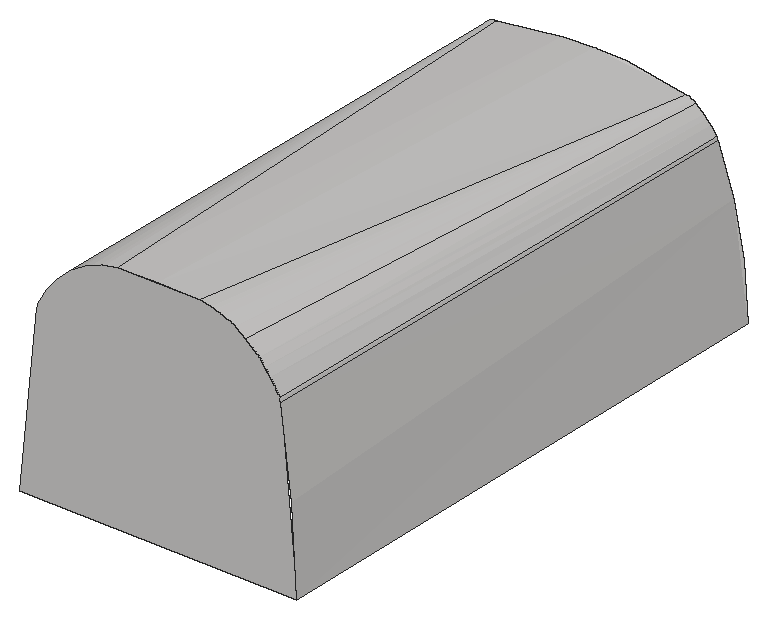
Revit family "NBS_DudleyIndustriesLimited_SoapDpnsrs_PlatinumSoapDispenser_1LLiquidSoap", category Furniture, host Face, Revit 2018
Family settings
  Host = Face
  Cut with Voids When Loaded = No
  Shared = No
  Room Calculation Point = No
Parameters (values of type "PlatinumSoapDispenser_1LLiquidSoap")
  Weight = "1 kg"
  WarrantyStartDate [instance] = "1900-12-31T23:59:59"
  WarrantyGuarantorParts = "n/a"
  WarrantyGuarantorLabor = "n/a"
  WarrantyDurationUnit = "year"
  WarrantyDurationParts = "n/a"
  WarrantyDurationLabor = "n/a"
  WarrantyDescription = "10 Years"
  Version = "1"  # constant formula
  Uniclass2015Version = "Products v1.18"
  Uniclass2015Title = "Soap dispensers"
  Uniclass2015Code = "Pr_40_70_22_81"
  TagNumber [instance] = "n/a"
  SustainabilityPerformance = "n/a"
  Style = "Dispenser"
  Status = "UNSET"
  Size = "102 x 250 x 120 mm"
  Shape = "Rectangular"
  SerialNumber [instance] = "n/a"
  Revision = "n/a"
  ReplacementCost = "n/a"
  Reference = "n/a"
  ProductInformation = "https://www.dudleyindustries.com/washroom/product/platinum-1-litre-liquid-soap-dispenser/"
  Operation = "Push"
  NominalWidth = 120 mm  # constant formula
  NominalLength = 0 mm
  NominalHeight = 250 mm  # constant formula
  NominalDepth = 102 mm  # constant formula
  Name = "SoapDispensers_PlatinumSoapDispenser_1LLiquidSoap_DudleyIndustriesLimited"
  NBSReference = "45-35-72/358"
  NBSDescription = "Soap dispensers"
  NBSCertification = "www.nationalbimlibrary.com/cert/0gg55n0s"
  ModelReference = "PlatinumSoapDispenser_1LLiquidSoap"
  ModelNumber = "50012CB, 50018CB"
  MaterialsFinishAndColour = "Brushed with clear lacquer"
  MaterialsBody = "Stainless steel"
  Material = "Stainless steel"
  ManufacturerURL = "www.dudleyindustries.com"
  ManufacturerName = "Dudley Industries Limited"  # constant formula
  Manufacturer = "sales@dudleyindustries.com"
  MainColor = "n/a"
  IsBuiltIn = yes
  InstallationDate [instance] = "1900-12-31T23:59:59"
  IfcExportType = "UNDEFINED"  # constant formula
  IfcExportAs = "IfcFurnitureType"  # constant formula
  Grade = "n/a"
  Finish = "Brushed with clear lacquer"
  Features = "Easily operated, easy to unlock, innovative coating helps prevent fingerprint marks, easy to wipe clean"
  ExpectedLife = "n/a"
  DurationUnit = "year"
  DispenserMaterial = NBS_DudleyIndustriesLimited_StainlessSteel_Brushed
  Description = "1L liquid soap dispenser"
  Default Elevation = 1050 mm
  Constituents = "n/a"
  Color = "n/a"
  CodePerformance = "n/a"
  Category = "Pr_40_70_22_81:Soap dispensers"
  BarCode [instance] = "n/a"
  BIMObjectName = "NBS_DudleyIndustriesLimited_SoapDispensers_PlatinumSoapDispenser_1LLiquidSoap"
  Author = "NBS"  # constant formula
  AssetType = "Fixed"
  AssetIdentifier [instance] = "n/a"
  AccessibilityPerformance = "n/a"
Reference planes
  plane 1 "Bottom": y = 0
  plane 2 "Back": z = 0
  plane 3 "Center (Left/Right)": x = 0
  plane 4 "Left": x = -60
  plane 5 "Right": x = 60
  plane 6 "Top": y = 250
  plane 7 "Front": z = 102
Forms (mm)
  Extrusion 1, solid, material "NBS_DudleyIndustriesLimited_StainlessSteel_Brushed" <- "DispenserMaterial", detail levels coarse
    sketch origin (0, 0, 0) x (0, 1, 0) y (0, 0, 1)
      loop
        line (250, 0) -> (250, 102) -> (0, 102) -> (0, 0) -> (250, 0)
    from -60 to 60
  Blend 2, solid, material "NBS_DudleyIndustriesLimited_StainlessSteel_Brushed" <- "DispenserMaterial", detail levels medium+fine
    base sketch origin (0, 0, 0) x (1, 0, 0) y (0, 0, 1)
      loop
        arc (17.645, 101.352) -> (0, 102) -> (-17.645, 101.352) r 240.403
        arc (-17.645, 101.352) -> (-28.365, 98.926) -> (-37.9, 93.457) r 37
        arc (-37.9, 93.457) -> (-46.1, 85.287) -> (-52.247, 75.479) r 50.997
        arc (-52.247, 75.479) -> (-52.593, 74.602) -> (-52.816, 73.686) r 6.8
        arc (-52.816, 73.686) -> (-57.724, 36.971) -> (-60, 0) r 518.842
        line (-60, 0) -> (60, 0)
        arc (60, 0) -> (57.724, 36.971) -> (52.816, 73.686) r 518.842
        arc (52.816, 73.686) -> (52.593, 74.602) -> (52.247, 75.479) r 6.8
        arc (52.247, 75.479) -> (46.1, 85.287) -> (37.9, 93.457) r 50.997
        arc (37.9, 93.457) -> (28.365, 98.926) -> (17.645, 101.352) r 37
    top sketch origin (0, 0, 0) x (1, 0, 0) y (0, 0, 1)
      loop
        line (-60, 0) -> (60, 0)
        arc (60, 0) -> (57.806, 36.12) -> (53.1, 71.999) r 518.842
        arc (53.1, 71.999) -> (52.95, 72.664) -> (52.725, 73.308) r 6
        arc (52.725, 73.308) -> (49.804, 78.847) -> (45.913, 83.754) r 33.869
        arc (45.913, 83.754) -> (44.322, 84.943) -> (42.43, 85.547) r 6
        arc (42.43, 85.547) -> (0, 88.579) -> (-42.43, 85.547) r 298.314
        arc (-42.43, 85.547) -> (-44.322, 84.943) -> (-45.913, 83.754) r 6
        arc (-45.913, 83.754) -> (-49.804, 78.847) -> (-52.725, 73.308) r 33.869
        arc (-52.725, 73.308) -> (-52.95, 72.664) -> (-53.1, 71.999) r 6
        arc (-53.1, 71.999) -> (-57.806, 36.12) -> (-60, 0) r 518.842
    from 0 to -250
  Revolve 3, void
    sketch origin (0, 0, 0) x (0, 1, 0) y (0, 0, 1)
      loop
        line (250, 0) -> (250, 146.308) -> (211.905, 146.308)
        arc (211.905, 146.308) -> (240.32, 75.593) -> (250, 0) r 300
      axis (250, 0) -> (211.905, 0)
    angle from -90 to 90
Cuts and joins
  Revolve 3 cuts Blend 2
Lines and regions (mm)
  symbolic lines, detail levels medium+fine
    curve 1: line (0, 236.394, 89.312) -> (0, 0, 102)
Dimensions and locks
  "NominalHeight": plane 1 "Bottom" to plane 6 "Top"
  equal spacing: plane 4 "Left", plane 3 "Center (Left/Right)", plane 5 "Right"
  "NominalWidth": plane 4 "Left" to plane 5 "Right"
  "NominalDepth": plane 7 "Front" to level
  aligned and locked: plane 2 "Back" to host face
  aligned and locked: level to host face
  aligned and locked: plane 6 "Top" to Extrusion 1 sketch curve
  aligned and locked: plane 1 "Bottom" to Extrusion 1 sketch curve
  aligned and locked: plane 7 "Front" to Extrusion 1 sketch curve
  aligned and locked: plane 2 "Back" to Extrusion 1 sketch curve
  aligned and locked: Extrusion 1 to plane 4 "Left"
  aligned and locked: Extrusion 1 to plane 5 "Right"
  aligned and locked: plane 6 "Top" to Blend 2
  aligned and locked: plane 6 "Top" to Revolve 3 sketch curve
Automatic sketch dimensions
  host sketch curve to host sketch curve = 2438.4 mm  (x2)
  Blend 2 sketch curve to plane 4 "Left" = 0 mm  (x2)
  Blend 2 sketch curve to plane 3 "Center (Left/Right)" = 0 mm  (x2)
  plane 5 "Right" to Blend 2 sketch curve = 0 mm  (x2)
  Blend 2 sketch curve to level = 0 mm  (x2)
  Blend 2 sketch curve to level = 13.377 mm  (x4)
  Blend 2 sketch curve to plane 4 "Left" = 398.669 mm  (x2)
  plane 4 "Left" to Blend 2 sketch curve = 13.888 mm
  Blend 2 sketch curve to plane 3 "Center (Left/Right)" = 14.929 mm
  Blend 2 sketch curve to plane 3 "Center (Left/Right)" = 6.239 mm
  plane 3 "Center (Left/Right)" to Blend 2 sketch curve = 6.239 mm
  Blend 2 sketch curve to Blend 2 sketch curve = 8.69 mm
  plane 5 "Right" to Blend 2 sketch curve = 13.888 mm
  Blend 2 sketch curve to plane 5 "Right" = 398.669 mm  (x2)
  Blend 2 sketch curve to level = 138.403 mm
  Blend 2 sketch curve to plane 7 "Front" = 48.522 mm
  Blend 2 sketch curve to Blend 2 sketch curve = 0 mm  (x15)
  Blend 2 sketch curve to Blend 2 sketch curve = 10.973 mm  (x2)
  Blend 2 sketch curve to plane 7 "Front" = 29.455 mm  (x2)
  plane 4 "Left" to Blend 2 sketch curve = 12.818 mm
  Blend 2 sketch curve to Blend 2 sketch curve = 5.605 mm  (x2)
  Blend 2 sketch curve to plane 3 "Center (Left/Right)" = 21.434 mm
  plane 3 "Center (Left/Right)" to Blend 2 sketch curve = 21.434 mm
  plane 5 "Right" to Blend 2 sketch curve = 18.423 mm
  Blend 2 sketch curve to level = 209.735 mm
  Blend 2 sketch curve to plane 7 "Front" = 41.652 mm  (x2)
  Blend 2 sketch curve to Blend 2 sketch curve = 10.664 mm  (x2)
  Blend 2 sketch curve to Blend 2 sketch curve = 8.596 mm  (x2)
  Revolve 3 sketch curve to level = 0 mm  (x2)
  Revolve 3 sketch curve to plane 6 "Top" = 38.095 mm
  plane 7 "Front" to Revolve 3 sketch curve = 44.308 mm
  curve 1 to plane 1 "Bottom" = 0 mm
  curve 1 to plane 7 "Front" = 0 mm
  curve 1 to plane 6 "Top" = 13.606 mm
  curve 1 to plane 7 "Front" = 12.688 mm
